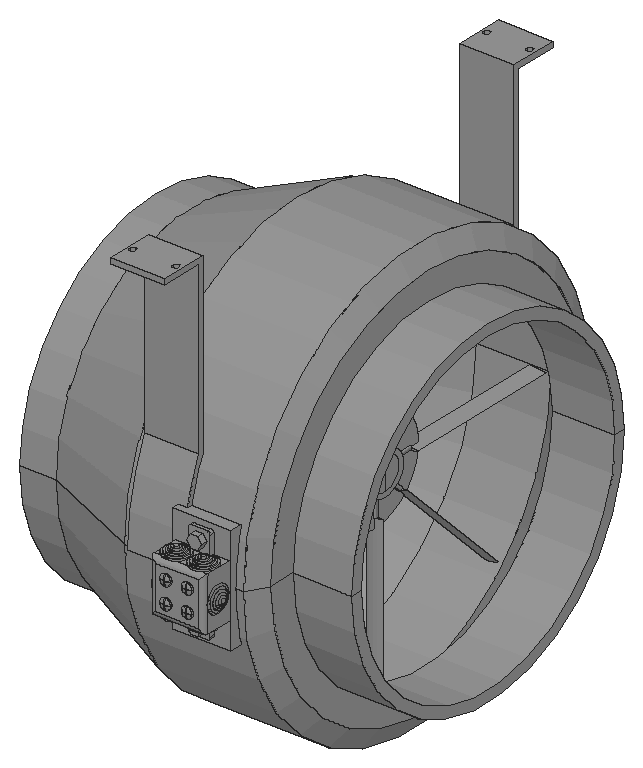
Revit family "ВКМц", category Оборудование, Revit 2021
Family settings
  Размер круглого соединителя = Использовать диаметр
  Классификация = Нет
  Тип детали = Нормальный
  На основе рабочей плоскости = Нет
  Всегда вертикально = Да
  При загрузке вырезать с полостями = Нет
  Общий = Нет
  Точка принадлежности помещению = Нет
Parameters (values of type "ВКМц 315 Б")
  Ширина = B1  # 450 mm
  Частота = 50 Hz
  Установлена потужність = Струм * Напруга  # 151.8 VA
  Струм = 0.66 A
  Статичний тиск повітря = 0.0 Pa
  Рівень звукового тиску на відстані 3 м = "52 дБА"
  Потужність = 151 W
  Повітряний потік [instance] = 0.0 L/s
  Отметка по умолчанию = 0 mm
  Напруга = 230 V
  Максимальний потік повітря [instance] = 370.0 L/s
  Кількість фаз = 1
  Класифікація навантаження = "HVAC"
  Изготовитель = "Вентс"  # constant formula
  Діаметр = Dy  # 315 mm
  Довжина = L  # 308 mm
  Висота = H1 + R1  # 452 mm
  Вага = 6.50 kg
  URL = "https://vents.ua/ua/series/vkmz"
  Ry = Dy / 2  # 157.5 mm
  R2 = R1 + 5 mm  # 206 mm
  R1 = D1 / 2  # 201 mm
  L8 = L6 + 5 mm  # 125 mm
  L7 = L3 + 10 mm  # 50 mm
  L6 = L4 + 25 mm  # 120 mm
  L5 = L4 - 21.5 mm  # 73.5 mm
  L4 = L / 2 - L1 * 2 + 7 mm  # 95 mm
  L3 = 40 mm
  L2 = 55 mm
  L1 = 33 mm
  L = 308 mm
  H1 = D1 / 2 + 50 mm  # 251 mm
  Матеріал зони обслуговуваня = none
  Dy = 315 mm
  D2 = D1 - 25 mm  # 377 mm
  D1 = 402 mm
  Матеріал корпусу = Сталь, гальванізована
  B2 = B1 - 80 mm  # 370 mm
  B1 = 450 mm
  B = 410 mm
  09_Назва системи [instance] = ""
  00_20_Тип = "ВКМц 315 Б"
  00_20_Назва = "Канальний відцентровий вентилятор"
  00_20_Виробник = "Вентс"  # constant formula
Types (14, lengths in mm): name | Ширина | Установлена потужність | Струм | Рівень звукового тиску на відстані 3 м | Потужність | Максимальний потік повітря | Діаметр | Довжина | Висота | Вага | Ry | R2 | R1 | L8 | L7 | L6 | L5 | L4 | L3 | L2 | L1 | L | H1 | Dy | D2 | D1 | B2 | B1 | B | 00_20_Тип
  (no name) | 450 | 151.8 VA | 0.66 A | "52 дБА" | 151 W | 370.0 L/s | 315 | 308 | 452 | 6.50 kg | 157.5 | 206 | 201 | 125 | 50 | 120 | 73.5 | 95 | 40 | 55 | 33 | 308 | 251 | 315 | 377 | 402 | 370 | 450 | 410 | "ВКМц 315 Б"
  ВКМц 100 Б | 293 | 43.7 VA | 0.19 A | "35 дБА" | 42 W | 64.0 L/s | 100 | 202 | 287 | 2.50 kg | 50 | 123.5 | 118.5 | 92 | 40 | 87 | 40.5 | 62 | 30 | 22 | 23 | 202 | 168.5 | 100 | 212 | 237 | 213 | 293 | 253 | "ВКМц 100 Б"
  ВКМц 315 | 450 | 186.3 VA | 0.81 A | "53 дБА" | 185 W | 428.0 L/s | 315 | 308 | 452 | 6.50 kg | 157.5 | 206 | 201 | 125 | 50 | 120 | 73.5 | 95 | 40 | 55 | 33 | 308 | 251 | 315 | 377 | 402 | 370 | 450 | 410 | "ВКМц 315"
  ВКМц 100 | 293 | 64.4 VA | 0.28 A | "46 дБА" | 62 W | 70.0 L/s | 100 | 202 | 287 | 2.80 kg | 50 | 123.5 | 118.5 | 92 | 40 | 87 | 40.5 | 62 | 30 | 22 | 23 | 202 | 168.5 | 100 | 212 | 237 | 213 | 293 | 253 | "ВКМц 100"
  ВКМц 125 Б | 293 | 85.1 VA | 0.37 A | "35 дБА" | 60 W | 64.0 L/s | 125 | 202 | 287 | 2.70 kg | 62.5 | 123.5 | 118.5 | 92 | 40 | 87 | 40.5 | 62 | 30 | 22 | 23 | 202 | 168.5 | 125 | 212 | 237 | 213 | 293 | 253 | "ВКМц 125 Б"
  ВКМц 125 | 293 | 78.2 VA | 0.34 A | "46 дБА" | 78 W | 92.0 L/s | 125 | 202 | 287 | 2.90 kg | 62.5 | 123.5 | 118.5 | 92 | 40 | 87 | 40.5 | 62 | 30 | 22 | 23 | 202 | 168.5 | 125 | 212 | 237 | 213 | 293 | 253 | "ВКМц 125"
  ВКМц 150 | 330 | 66.7 VA | 0.29 A | "44 дБА" | 64 W | 126.0 L/s | 150 | 170 | 324 | 3.20 kg | 75 | 142 | 137 | 82 | 40 | 77 | 30.5 | 52 | 30 | 20 | 20 | 170 | 187 | 150 | 249 | 274 | 250 | 330 | 290 | "ВКМц 150"
  ВКМСц 150 | 395 | 128.8 VA | 0.56 A | "48 дБА" | 127 W | 197.0 L/s | 150 | 230 | 395 | 4.80 kg | 75 | 177.5 | 172.5 | 112 | 50 | 107 | 60.5 | 82 | 40 | 20 | 20 | 230 | 222.5 | 150 | 320 | 345 | 315 | 395 | 355 | "ВКМСц 150"
  ВКМц 160 | 334 | 78.2 VA | 0.34 A | "46 дБА" | 78 W | 126.0 L/s | 160 | 200 | 328 | 3.20 kg | 80 | 144 | 139 | 87 | 40 | 82 | 35.5 | 57 | 30 | 23 | 25 | 200 | 189 | 160 | 253 | 278 | 254 | 334 | 294 | "ВКМц 160"
  ВКМц 200 Б | 380 | 140.3 VA | 0.61 A | "48 дБА" | 139 W | 233.0 L/s | 200 | 245 | 382 | 5.20 kg | 100 | 171 | 166 | 109.5 | 50 | 104.5 | 58 | 79.5 | 40 | 29 | 25 | 245 | 216 | 200 | 307 | 332 | 300 | 380 | 340 | "ВКМц 200 Б"
  ВКМц 250 Б | 380 | 135.7 VA | 0.59 A | "51 дБА" | 134 W | 272.0 L/s | 250 | 213 | 382 | 5.10 kg | 125 | 171 | 166 | 93.5 | 50 | 88.5 | 42 | 63.5 | 40 | 29 | 25 | 213 | 216 | 250 | 307 | 332 | 300 | 380 | 340 | "ВКМц 250 Б"
  ВКМц 250 | 380 | 158.7 VA | 0.69 A | "50 дБА" | 157 W | 278.0 L/s | 250 | 213 | 382 | 5.10 kg | 125 | 171 | 166 | 93.5 | 50 | 88.5 | 42 | 63.5 | 40 | 29 | 25 | 213 | 216 | 250 | 307 | 332 | 300 | 380 | 340 | "ВКМц 250"
  ВКМц 315 Б | 450 | 151.8 VA | 0.66 A | "52 дБА" | 151 W | 370.0 L/s | 315 | 308 | 452 | 6.50 kg | 157.5 | 206 | 201 | 125 | 50 | 120 | 73.5 | 95 | 40 | 55 | 33 | 308 | 251 | 315 | 377 | 402 | 370 | 450 | 410 | "ВКМц 315 Б"
  ВКМц 200 | 380 | 158.7 VA | 0.69 A | "50 дБА" | 157 W | 278.0 L/s | 200 | 245 | 382 | 5.20 kg | 100 | 171 | 166 | 109.5 | 50 | 104.5 | 58 | 79.5 | 40 | 29 | 25 | 245 | 216 | 200 | 307 | 332 | 300 | 380 | 340 | "ВКМц 200"
Reference planes
  plane 1 "По центру (Вперед/Назад)": y = 0
  plane 2: z = 0
  plane 3 "По центру (Влево/Вправо)": x = 0
  plane 4 "Вращение": z = -251
  plane 5 "Двигатель": y = -201
  plane 6: y = -205
  plane 7: y = 205
  plane 8: x = -125
  plane 9: x = -165
Forms (mm)
  Revolve 1, solid, material "Сталь, гальванізована"
    sketch origin (0, 0, -251) x (1, 0, 0) y (0, 1, 0)
      loop
        line (0, -147.5) -> (-57.889, -147.5) -> (-94.792, -191) -> (-164.172, -191) -> (-263, -147.5) -> (-308, -147.5) -> (-308, -157.5) -> (-275, -157.5) -> (-176.172, -201) -> (-65.981, -201) -> (-55, -182.5) -> (-55, -157.5) -> (0, -157.5) -> (0, -147.5)
      axis (0, 0) -> (-308, 0)
    angle from 0 to 360
  Extrusion 2, solid, material "Сталь, гальванізована"
    sketch origin (0, 0, 0) x (0, 1, 0) y (0, 0, 1)
      loop
        line (-194.682, -201) -> (-206, -201) -> (-206, -301) -> (-194.682, -301)
        arc (-194.682, -301) -> (-201, -251) -> (-194.682, -201) r 201
    from -127.5 to -73.5
  Extrusion 3, solid, material "Сталь, гальванізована"
    sketch origin (0, 0, 0) x (0, 1, 0) y (0, 0, 1)
      loop
        line (225, 0) -> (180, 0) -> (180, -159.567)
        arc (180, -159.567) -> (196.423, -203.979) -> (202, -251) r 201
        line (202, -251) -> (207, -251)
        arc (207, -251) -> (201.425, -203.397) -> (185, -158.372) r 206
        line (185, -158.372) -> (185, -5) -> (225, -5) -> (225, 0)
      loop
        line (-225, 0) -> (-225, -5) -> (-185, -5) -> (-185, -162.456)
        arc (-185, -162.456) -> (-199.938, -205.613) -> (-205, -251) r 206
        line (-205, -251) -> (-200, -251)
        arc (-200, -251) -> (-194.936, -206.167) -> (-180, -163.593) r 201
        line (-180, -163.593) -> (-180, 0) -> (-225, 0)
    from -170 to -120
  Extrusion 4, void
    sketch origin (0, 0, -251) x (1, 0, 0) y (0, 1, 0)
      loop
        circle (-165, 205) r 3
      loop
        circle (-125, 205) r 3
    from 246 to 251
  Extrusion 5, void
    sketch origin (0, 0, -251) x (1, 0, 0) y (0, 1, 0)
      loop
        circle (-165, -205) r 3
      loop
        circle (-125, -205) r 3
    from 246 to 251
Cuts and joins
  Extrusion 4, Extrusion 5 cuts Extrusion 3
Dimensions and locks
  "H1": plane 4 "Вращение" to level
  "Ry": Revolve 1 sketch curve to plane 1 "По центру (Вперед/Назад)"  (x2)
  "R1": Revolve 1 sketch curve to plane 1 "По центру (Вперед/Назад)"
  "L1": Revolve 1 sketch curve to Revolve 1 sketch curve
  "L2": Revolve 1 sketch curve to plane 3 "По центру (Влево/Вправо)"
  "L": Revolve 1 sketch curve to plane 3 "По центру (Влево/Вправо)"
  locked: Revolve 1 sketch curve to Revolve 1 sketch curve at 10  (x2)
  Revolve 1 sketch curve to Revolve 1 sketch curve = 10 mm
  "L4": plane 3 "По центру (Влево/Вправо)" to nested 1
  "L4": plane 3 "По центру (Влево/Вправо)" to nested 2
  "R1": plane 1 "По центру (Вперед/Назад)" to plane 5 "Двигатель"
  plane 4 "Вращение" to Extrusion 2 sketch curve = 50 mm  (x2)
  locked: plane 5 "Двигатель" to Extrusion 2 sketch curve at 5
  "L5": Extrusion 2 to plane 3 "По центру (Влево/Вправо)"
  locked: Extrusion 2 to Extrusion 2 at 54
  locked: Extrusion 2 to nested 3 at 28
  locked: level to Extrusion 3 sketch curve at 5
  locked: Extrusion 3 sketch curve to Extrusion 3 sketch curve at 5  (x3)
  equal spacing: Extrusion 3 sketch curve, plane 1 "По центру (Вперед/Назад)", Extrusion 3 sketch curve  (x2)
  "B1": Extrusion 3 sketch curve to Extrusion 3 sketch curve
  "L6": Extrusion 3 to plane 3 "По центру (Влево/Вправо)"
  equal spacing: plane 7, plane 1 "По центру (Вперед/Назад)", plane 6
  "B": plane 7 to plane 6
  "B2": Extrusion 3 sketch curve to Extrusion 3 sketch curve
  "L7": Extrusion 3 to Extrusion 3
  "L3": plane 9 to plane 8
  "L8": plane 8 to plane 3 "По центру (Влево/Вправо)"
  "R1": radius of Extrusion 2 sketch curve
  "R1": radius of Extrusion 3 sketch curve  (x2)
  "R2": radius of Extrusion 3 sketch curve  (x2)
  aligned and locked: level to plane 2
  aligned and locked: Revolve 1 sketch curve to plane 3 "По центру (Влево/Вправо)"
  aligned and locked: plane 4 "Вращение" to nested 1
  aligned and locked: nested 2 to plane 4 "Вращение"
  aligned and locked: plane 1 "По центру (Вперед/Назад)" to nested 2
  aligned and locked: nested 3 to plane 4 "Вращение"
  aligned and locked: level to Extrusion 3 sketch curve  (x2)
  aligned and locked: nested 3 to Extrusion 2
  aligned and locked: Extrusion 3 sketch curve to Revolve 1
  aligned and locked: level to Extrusion 4
  aligned and locked: Extrusion 3 to Extrusion 4
  aligned and locked: level to Extrusion 5
  aligned and locked: Extrusion 3 to Extrusion 5
Automatic sketch dimensions
  Extrusion 4 sketch curve to plane 7 = 0 mm  (x2)
  Extrusion 4 sketch curve to plane 9 = 0 mm
  Extrusion 4 sketch curve to plane 8 = 0 mm
  Extrusion 5 sketch curve to plane 6 = 0 mm  (x2)
  Extrusion 5 sketch curve to plane 9 = 0 mm
  Extrusion 5 sketch curve to plane 8 = 0 mm
  plane 1 "По центру (Вперед/Назад)" to Revolve 1 sketch curve = 0 mm
  Revolve 1 sketch curve to Revolve 1 sketch curve = 12 mm
  plane 9 to Revolve 1 sketch curve = 11.172 mm
  Revolve 1 sketch curve to plane 9 = 0.828 mm
  plane 8 to Revolve 1 sketch curve = 30.208 mm
  Revolve 1 sketch curve to Revolve 1 sketch curve = 10.981 mm
  Revolve 1 sketch curve to Revolve 1 sketch curve = 2.889 mm
  plane 5 "Двигатель" to Revolve 1 sketch curve = 18.5 mm
  plane 9 to Revolve 1 sketch curve = 8.172 mm
  plane 8 to Revolve 1 sketch curve = 8.519 mm
  Extrusion 2 sketch curve to plane 1 "По центру (Вперед/Назад)" = 0 mm
  Extrusion 2 sketch curve to plane 4 "Вращение" = 0 mm
  Extrusion 3 sketch curve to Extrusion 3 sketch curve = 0 mm  (x4)
  Extrusion 3 sketch curve to plane 6 = 0 mm
  radius of Extrusion 4 sketch curve = 3 mm  (x2)
  radius of Extrusion 5 sketch curve = 3 mm  (x2)
Nested families
  nested 1: "Двигатель" at (-95, 0, -251) x (0, -1, 0) z (0, 0, 1), type "Двигатель_42 Вт"
    with Вес "", Pressure_Static_Air 0.0 L/s, Number of Fase 3, Maximum Air Flow 0.0 L/s, Air Flow 0.0 L/s, 09_System_Name "", 00_20_Type "", 00_20_Name ""
  nested 2: "Вентилятор" at (-115, 0, -251) x (0, 0, -1) z (1, 0, 0), type "Вентилятор"
    with R 188.5 mm, Dy 377 mm
  nested 3: "Клемная коробка" at (-99.5, -206, -251) x (1, 0, 0) z (0, -1, 0), type "50x50"
Connectors
  hvac at (-308, 0, -251), driven by "Dy"
    settings: on Revolve 1, index 1, duct flow 0.0 L/s, flow factor 0, pres drop 0.0 Pa, loss coef 0, conn angle 0.00°, conn width 304.8 mm, conn height 304.8 mm, conn diameter 315 mm, duct sys type 3, conn prof type 0, flow config 0, flow direction 2, loss method 0, conn ref index -1, conn util no, is conn primary yes, conn desc ""
  hvac at (0, 0, -251), driven by "Dy"
    settings: on Revolve 1, index 2, duct flow 0.0 L/s, flow factor 0, pres drop 0.0 Pa, loss coef 0, conn angle 0.00°, conn width 304.8 mm, conn height 304.8 mm, conn diameter 315 mm, duct sys type 3, conn prof type 0, flow config 0, flow direction 1, loss method 0, conn ref index -1, conn util no, is conn primary no, conn desc ""
  electrical at (-112, -221, -220), driven by "Напруга", driven by "Установлена потужність"
    settings: on nested 3, index 3, voltage 230 V, apparent load 0 VA, apparent load phase1 151.8 VA, apparent load phase2 0 VA, apparent load phase3 0 VA, power factor 1, load classification "Мощность", number of poles 1, system type 31, power factor state 1, is connector primary yes, connector utility no, sub classification motor no, connector description ""
Definition of nested family "Двигатель"
  Parameters (values of type "Двигатель_42 Вт")
    Default Elevation = 0 mm
    Вес [instance] = ""
    r = R / 2  # 20 mm
    l2 = L - r  # 80 mm
    l1 = L1 + L2 + L3  # 25 mm
    Voltage = 400 V
    Tn = if(R < 150 mm, 20 mm, 30 mm)  # 20 mm
    R3 = R - 20 mm  # 20 mm
    R2 = if(L < 500 mm, 15 mm, 20 mm)  # 15 mm
    R1 = 50 mm
    R = R1 - R1 * 0.2  # 40 mm
    Pressure_Static_Air [instance] = 0.0 L/s
    Power = 42 W
    Number of Fase [instance] = 3
    N2 = R1 - R1 * 0.1  # 45 mm
    N1 = N - R3 + R3 / 15  # 33.833 mm
    N = R1 + R1 * 0.05  # 52.5 mm
    Maximum Air Flow [instance] = 0.0 L/s
    Maintenance zone material = none
    Load Classification = "HVAC"
    Ln = L - L1 - L2 - L3 - r  # 55 mm
    L4 = L / 3  # 33.333 mm
    L3 = R1 * 0.2  # 10 mm
    L2 = if(L < 500 mm, 10 mm, 50 mm)  # 10 mm
    L1 = R1 * 0.1  # 5 mm
    L = 100 mm
    H = R1 + 20 mm  # 70 mm
    Grid Material = none
    Casing Material = none
    Air Flow [instance] = 0.0 L/s
    09_System_Name [instance] = ""
    00_20_Type [instance] = ""
    00_20_Name [instance] = ""
    00_20_Manufacturer = "Вентс"  # constant formula
  Reference planes
    plane 1 "По центру (Вперед/Назад)": y = 0
    plane 2: z = 0
    plane 3 "По центру (Влево/Вправо)": x = 0
  Forms (mm)
    Revolve 1, solid
      sketch origin (0, -9.922, 0) x (0, 1, 0) y (0, 0, 1)
        loop
          line (9.922, 0) -> (9.922, 15) -> (-0.078, 15) -> (-0.078, 50) -> (-5.078, 50) -> (-5.078, 20) -> (-15.078, 20) -> (-15.078, 40) -> (-70.078, 40)
          arc (-70.078, 40) -> (-84.22, 34.142) -> (-90.078, 20) r 20
          line (-90.078, 20) -> (-90.078, 0) -> (9.922, 0)
        axis (-90.078, 0) -> (9.922, 0)
      angle from 0 to 360
    Extrusion 2, solid, not visible
      sketch origin (110.902, 0, 0) x (-1, 0, 0) y (0, 0, -1)
        loop
          line (36.329, 0) -> (36.329, -15) -> (69.075, -15) -> (69.075, 0) -> (36.329, 0)
      from 64 to 104
    Extrusion 3, solid, not visible
      sketch origin (0, 0, 0) x (1, 0, 0) y (0, 0, 1)
        loop
          line (12.436, 70) -> (42.549, 0) -> (58.878, 0) -> (28.765, 70) -> (12.436, 70)
      from 64 to 104
  Dimensions and locks
    "R2": Revolve 1 sketch curve to Revolve 1 sketch curve
    "R1": Revolve 1 sketch curve to Revolve 1 sketch curve
    "R": Revolve 1 sketch curve to Revolve 1 sketch curve
    "L2": Revolve 1 sketch curve to Revolve 1 sketch curve
    "L": plane 1 "По центру (Вперед/Назад)" to Revolve 1 sketch curve
    "L1": Revolve 1 sketch curve to Revolve 1 sketch curve
    "L3": Revolve 1 sketch curve to Revolve 1 sketch curve
    "R3": Revolve 1 sketch curve to Revolve 1 sketch curve
    Extrusion 3 sketch curve to Extrusion 3 sketch curve = 15 mm
    Extrusion 2 sketch curve to Extrusion 2 sketch curve = 15 mm
    "r": radius of Revolve 1 sketch curve
    aligned and locked: level to plane 2
    aligned and locked: Revolve 1 sketch curve to plane 1 "По центру (Вперед/Назад)"
  Automatic sketch dimensions
    Extrusion 2 sketch curve to Extrusion 2 sketch curve = 32.746 mm
    Extrusion 3 sketch curve to Extrusion 3 sketch curve = 16.329 mm
    Extrusion 3 sketch curve to Extrusion 3 sketch curve = 13.785 mm
    Revolve 1 sketch curve to level = 0 mm  (x2)
    Revolve 1 sketch curve to Revolve 1 sketch curve = 15.5 mm
    Revolve 1 sketch curve to Revolve 1 sketch curve = 16.5 mm
Definition of nested family "Вентилятор"
  Parameters (values of type "Вентилятор")
    Default Elevation = 0 mm
    n = 8
    R = Dy / 2  # 115 mm
    Dy = 230 mm
  Reference planes
    plane 1 "По центру (Вперед/Назад)": y = 0
    plane 2: z = 0
    plane 3 "По центру (Влево/Вправо)": x = 0
  Forms (mm)
    Extrusion 1, solid
      sketch origin (0, 0, 0) x (1, 0, 0) y (0, 1, 0)
        loop
          circle (0, 0) r 20
      from 0 to 20
    Extrusion 2, solid
      sketch origin (5, 0, 0) x (1, 0, 0) y (0, 0, 1)
        loop
          arc (-3.75, 2.664) -> (-4.659, 10.141) -> (-5, 17.664) r 99.365
          arc (-5, 17.664) -> (-6.25, 10.164) -> (-5, 2.664) r 23.125
          line (-5, 2.664) -> (-3.75, 2.664)
      from 40 to 115 <- "R"
    Extrusion 3, solid
      sketch origin (0, 0, 0) x (1, 0, 0) y (0, 0, 1)
        loop
          circle (0, 10) r 1.976
      from 20 to 40
    Extrusion 4, solid
      sketch origin (3.536, -3.536, 0) x (0.707107, -0.707107, 0) y (0, 0, 1)
        loop
          arc (-3.75, 2.664) -> (-4.659, 10.141) -> (-5, 17.664) r 99.365
          arc (-5, 17.664) -> (-6.25, 10.164) -> (-5, 2.664) r 23.125
          line (-5, 2.664) -> (-3.75, 2.664)
      from 40 to 115 <- "R"
    Extrusion 5, solid
      sketch origin (0, 0, 0) x (0.707107, -0.707107, 0) y (0, 0, 1)
        loop
          circle (0, 10) r 1.976
      from 20 to 40
    Extrusion 6, solid
      sketch origin (3.536, 3.536, 0) x (0.707107, 0.707107, 0) y (0, 0, 1)
        loop
          arc (-3.75, 2.664) -> (-4.659, 10.141) -> (-5, 17.664) r 99.365
          arc (-5, 17.664) -> (-6.25, 10.164) -> (-5, 2.664) r 23.125
          line (-5, 2.664) -> (-3.75, 2.664)
      from 40 to 115 <- "R"
    Extrusion 7, solid
      sketch origin (0, 0, 0) x (0.707107, 0.707107, 0) y (0, 0, 1)
        loop
          circle (0, 10) r 1.976
      from 20 to 40
    Extrusion 8, solid
      sketch origin (0, 5, 0) x (0, 1, 0) y (0, 0, 1)
        loop
          arc (-3.75, 2.664) -> (-4.659, 10.141) -> (-5, 17.664) r 99.365
          arc (-5, 17.664) -> (-6.25, 10.164) -> (-5, 2.664) r 23.125
          line (-5, 2.664) -> (-3.75, 2.664)
      from 40 to 115 <- "R"
    Extrusion 9, solid
      sketch origin (0, 0, 0) x (0, 1, 0) y (0, 0, 1)
        loop
          circle (0, 10) r 1.976
      from 20 to 40
    Extrusion 10, solid
      sketch origin (-3.536, 3.536, 0) x (-0.707107, 0.707107, 0) y (0, 0, 1)
        loop
          arc (-3.75, 2.664) -> (-4.659, 10.141) -> (-5, 17.664) r 99.365
          arc (-5, 17.664) -> (-6.25, 10.164) -> (-5, 2.664) r 23.125
          line (-5, 2.664) -> (-3.75, 2.664)
      from 40 to 115 <- "R"
    Extrusion 11, solid
      sketch origin (0, 0, 0) x (-0.707107, 0.707107, 0) y (0, 0, 1)
        loop
          circle (0, 10) r 1.976
      from 20 to 40
    Extrusion 12, solid
      sketch origin (-5, 0, 0) x (-1, 0, 0) y (0, 0, 1)
        loop
          arc (-3.75, 2.664) -> (-4.659, 10.141) -> (-5, 17.664) r 99.365
          arc (-5, 17.664) -> (-6.25, 10.164) -> (-5, 2.664) r 23.125
          line (-5, 2.664) -> (-3.75, 2.664)
      from 40 to 115 <- "R"
    Extrusion 13, solid
      sketch origin (0, 0, 0) x (-1, 0, 0) y (0, 0, 1)
        loop
          circle (0, 10) r 1.976
      from 20 to 40
    Extrusion 14, solid
      sketch origin (-3.536, -3.536, 0) x (-0.707107, -0.707107, 0) y (0, 0, 1)
        loop
          arc (-3.75, 2.664) -> (-4.659, 10.141) -> (-5, 17.664) r 99.365
          arc (-5, 17.664) -> (-6.25, 10.164) -> (-5, 2.664) r 23.125
          line (-5, 2.664) -> (-3.75, 2.664)
      from 40 to 115 <- "R"
    Extrusion 15, solid
      sketch origin (0, 0, 0) x (-0.707107, -0.707107, 0) y (0, 0, 1)
        loop
          circle (0, 10) r 1.976
      from 20 to 40
    Extrusion 16, solid
      sketch origin (0, -5, 0) x (0, -1, 0) y (0, 0, 1)
        loop
          arc (-3.75, 2.664) -> (-4.659, 10.141) -> (-5, 17.664) r 99.365
          arc (-5, 17.664) -> (-6.25, 10.164) -> (-5, 2.664) r 23.125
          line (-5, 2.664) -> (-3.75, 2.664)
      from 40 to 115 <- "R"
    Extrusion 17, solid
      sketch origin (0, 0, 0) x (0, -1, 0) y (0, 0, 1)
        loop
          circle (0, 10) r 1.976
      from 20 to 40
  Dimensions and locks
    aligned and locked: level to plane 2
    aligned and locked: Extrusion 2 to Extrusion 3
    aligned and locked: Extrusion 5 to Extrusion 4
    aligned and locked: Extrusion 7 to Extrusion 6
    aligned and locked: Extrusion 9 to Extrusion 8
    aligned and locked: Extrusion 11 to Extrusion 10
    aligned and locked: Extrusion 13 to Extrusion 12
    aligned and locked: Extrusion 15 to Extrusion 14
    aligned and locked: Extrusion 16 to Extrusion 17
  Automatic sketch dimensions
    Extrusion 12 sketch curve to Extrusion 12 sketch curve = 1.25 mm
    Extrusion 12 sketch curve to Extrusion 12 sketch curve = 20.625 mm
    Extrusion 12 sketch curve to Extrusion 12 sketch curve = 77.487 mm
    Extrusion 12 sketch curve to Extrusion 12 sketch curve = 7.5 mm
    Extrusion 12 sketch curve to Extrusion 12 sketch curve = 8.228 mm
    Extrusion 2 sketch curve to Extrusion 2 sketch curve = 1.25 mm
    Extrusion 2 sketch curve to Extrusion 2 sketch curve = 20.625 mm
    Extrusion 2 sketch curve to Extrusion 2 sketch curve = 77.487 mm
    Extrusion 2 sketch curve to Extrusion 2 sketch curve = 7.5 mm
    Extrusion 2 sketch curve to Extrusion 2 sketch curve = 8.228 mm
    Extrusion 4 sketch curve to Extrusion 4 sketch curve = 1.25 mm
    Extrusion 4 sketch curve to Extrusion 4 sketch curve = 20.625 mm
    Extrusion 4 sketch curve to Extrusion 4 sketch curve = 77.487 mm
    Extrusion 4 sketch curve to Extrusion 4 sketch curve = 7.5 mm
    Extrusion 4 sketch curve to Extrusion 4 sketch curve = 8.228 mm
    Extrusion 6 sketch curve to Extrusion 6 sketch curve = 1.25 mm
    Extrusion 6 sketch curve to Extrusion 6 sketch curve = 20.625 mm
    Extrusion 6 sketch curve to Extrusion 6 sketch curve = 77.487 mm
    Extrusion 6 sketch curve to Extrusion 6 sketch curve = 7.5 mm
    Extrusion 6 sketch curve to Extrusion 6 sketch curve = 8.228 mm
    Extrusion 8 sketch curve to Extrusion 8 sketch curve = 1.25 mm
    Extrusion 8 sketch curve to Extrusion 8 sketch curve = 20.625 mm
    Extrusion 8 sketch curve to Extrusion 8 sketch curve = 77.487 mm
    Extrusion 8 sketch curve to Extrusion 8 sketch curve = 7.5 mm
    Extrusion 8 sketch curve to Extrusion 8 sketch curve = 8.228 mm
    Extrusion 10 sketch curve to Extrusion 10 sketch curve = 1.25 mm
    Extrusion 10 sketch curve to Extrusion 10 sketch curve = 20.625 mm
    Extrusion 10 sketch curve to Extrusion 10 sketch curve = 77.487 mm
    Extrusion 10 sketch curve to Extrusion 10 sketch curve = 7.5 mm
    Extrusion 10 sketch curve to Extrusion 10 sketch curve = 8.228 mm
    Extrusion 14 sketch curve to Extrusion 14 sketch curve = 1.25 mm
    Extrusion 14 sketch curve to Extrusion 14 sketch curve = 20.625 mm
    Extrusion 14 sketch curve to Extrusion 14 sketch curve = 77.487 mm
    Extrusion 14 sketch curve to Extrusion 14 sketch curve = 7.5 mm
    Extrusion 14 sketch curve to Extrusion 14 sketch curve = 8.228 mm
    Extrusion 16 sketch curve to Extrusion 16 sketch curve = 1.25 mm
    Extrusion 16 sketch curve to Extrusion 16 sketch curve = 20.625 mm
    Extrusion 16 sketch curve to Extrusion 16 sketch curve = 77.487 mm
    Extrusion 16 sketch curve to Extrusion 16 sketch curve = 7.5 mm
    Extrusion 16 sketch curve to Extrusion 16 sketch curve = 8.228 mm
    plane 1 "По центру (Вперед/Назад)" to Extrusion 1 sketch curve = 0 mm
    Extrusion 1 sketch curve to plane 3 "По центру (Влево/Вправо)" = 0 mm
    radius of Extrusion 13 sketch curve = 1.976 mm
    radius of Extrusion 3 sketch curve = 1.976 mm
    radius of Extrusion 5 sketch curve = 1.976 mm
    radius of Extrusion 7 sketch curve = 1.976 mm
    radius of Extrusion 9 sketch curve = 1.976 mm
    radius of Extrusion 11 sketch curve = 1.976 mm
    radius of Extrusion 15 sketch curve = 1.976 mm
    radius of Extrusion 17 sketch curve = 1.976 mm
    radius of Extrusion 1 sketch curve = 20 mm
Definition of nested family "Клемная коробка"
  Parameters (values of type "50x50")
    Ш1 = Ш / 2 - 15 mm  # 10 mm
    Ш = 50 mm
    Default Elevation = 0 mm
    Д1 = Д / 2 - 15 mm  # 10 mm
    Д = 50 mm
    Л = Д / 4  # 12.5 mm
    h = H / 2  # 15 mm
    H = 30 mm
  Types (5, lengths in mm): name | Ш1 | Ш | Д1 | Д | Л | h | H
    100х100 | 10 | 50 | 10 | 50 | 12.5 | 25 | 50
    200Х200 | 85 | 200 | 85 | 200 | 50 | 25 | 50
    75х75 | 22.5 | 75 | 22.5 | 75 | 18.75 | 25 | 50
    Клемная коробка | 35 | 100 | 35 | 100 | 25 | 25 | 50
    50x50 | 10 | 50 | 10 | 50 | 12.5 | 15 | 30
  Reference planes
    plane 1 "По центру (Вперед/Назад)": y = 0
    plane 2: z = 0
    plane 3 "По центру (Влево/Вправо)": x = 0
  Forms (mm)
    Extrusion 1, solid
      sketch origin (0, 0, 0) x (1, 0, 0) y (0, 1, 0)
        loop
          line (-25, 25) -> (-25, -25) -> (25, -25) -> (25, 25) -> (-25, 25)
      from 0 to 30 <- "H"
    Sweep 2, void
      path in 3D
        loop
          line (-25, 25, 30) -> (-25, -25, 30) -> (25, -25, 30) -> (25, 25, 30) -> (-25, 25, 30)
      profile origin (0, 25, 30) x (0, -1, 0) y (0, 0, 1)
        loop
          line (5, 0) -> (0, 0) -> (0, -5)
          arc (0, -5) -> (1.464, -1.464) -> (5, 0) r 5
    Extrusion 3, solid
      sketch origin (0, 0, 0) x (1, 0, 0) y (0, 1, 0)
        loop
          line (10, 25) -> (10, 42.359)
          arc (10, 42.359) -> (9.227, 44.227) -> (7.359, 45) r 2.641
          line (7.359, 45) -> (-7.359, 45)
          arc (-7.359, 45) -> (-9.227, 44.227) -> (-10, 42.359) r 2.641
          line (-10, 42.359) -> (-10, 25) -> (10, 25)
        loop
          circle (0, 35.711) r 4
        loop
          line (10, -25) -> (-10, -25) -> (-10, -42.359)
          arc (-10, -42.359) -> (-9.227, -44.227) -> (-7.359, -45) r 2.641
          line (-7.359, -45) -> (7.359, -45)
          arc (7.359, -45) -> (9.227, -44.227) -> (10, -42.359) r 2.641
          line (10, -42.359) -> (10, -25)
        loop
          circle (0, -35.711) r 4
      from 0 to 4
    Extrusion 4, void
      sketch origin (0, 0, 0) x (0, 1, 0) y (0, 0, 1)
        loop
          circle (0, 15) r 10
      from -25 to -20
    Extrusion 5, void
      sketch origin (0, 0, 0) x (0, 1, 0) y (0, 0, 1)
        loop
          circle (0, 15) r 10
      from 20 to 25
    Extrusion 6, void
      sketch origin (0, 0, 0) x (1, 0, 0) y (0, 0, 1)
        loop
          circle (12.5, 15) r 10
        loop
          circle (-12.5, 15) r 10
      from 20 to 25
    Extrusion 7, void
      sketch origin (0, 0, 0) x (1, 0, 0) y (0, 0, 1)
        loop
          circle (12.5, 15) r 10
        loop
          circle (-12.5, 15) r 10
      from -25 to -20
    Extrusion 8, solid
      sketch origin (0, 0, 0) x (1, 0, 0) y (0, 1, 0)
        loop
          line (3.491, 29.664) -> (6.982, 35.711) -> (3.491, 41.759) -> (-3.491, 41.759) -> (-6.982, 35.711) -> (-3.491, 29.664) -> (3.491, 29.664)
        loop
          line (3.491, -29.664) -> (-3.491, -29.664) -> (-6.982, -35.711) -> (-3.491, -41.759) -> (3.491, -41.759) -> (6.982, -35.711) -> (3.491, -29.664)
      from 4 to 10
  Cuts and joins
    Sweep 2, Extrusion 4, Extrusion 5, Extrusion 6, Extrusion 7 cuts Extrusion 1
  Lines and regions (mm)
    sketch lines
      curve 1: line (25, 25, 30) -> (-25, 25, 30)
      curve 2: line (25, -25, 30) -> (25, 25, 30)
      curve 3: line (-25, -25, 30) -> (25, -25, 30)
      curve 4: line (-25, 25, 30) -> (-25, -25, 30)
  Dimensions and locks
    "Д": Extrusion 1 sketch curve to Extrusion 1 sketch curve
    "Ш": Extrusion 1 sketch curve to Extrusion 1 sketch curve
    equal spacing: Extrusion 1 sketch curve, plane 3 "По центру (Влево/Вправо)", Extrusion 1 sketch curve
    equal spacing: Extrusion 1 sketch curve, plane 1 "По центру (Вперед/Назад)", Extrusion 1 sketch curve
    "Д1": nested 2 to plane 3 "По центру (Влево/Вправо)"
    "Д1": plane 3 "По центру (Влево/Вправо)" to nested 1
    "Д1": nested 4 to plane 3 "По центру (Влево/Вправо)"
    "Д1": plane 3 "По центру (Влево/Вправо)" to nested 3
    "Ш1": nested 3 to plane 1 "По центру (Вперед/Назад)"
    "Ш1": plane 1 "По центру (Вперед/Назад)" to nested 1
    "Ш1": nested 4 to plane 1 "По центру (Вперед/Назад)"
    "Ш1": plane 1 "По центру (Вперед/Назад)" to nested 2
    Extrusion 3 sketch curve to Extrusion 3 sketch curve = 20 mm  (x3)
    equal spacing: Extrusion 3 sketch curve, plane 1 "По центру (Вперед/Назад)", Extrusion 3 sketch curve
    "Ш": Extrusion 3 sketch curve to Extrusion 3 sketch curve
    "h": Extrusion 4 sketch curve to level
    "h": Extrusion 5 sketch curve to level
    "h": level to Extrusion 6 sketch curve  (x2)
    "Л": plane 3 "По центру (Влево/Вправо)" to Extrusion 6 sketch curve
    "Л": Extrusion 6 sketch curve to plane 3 "По центру (Влево/Вправо)"
    "h": level to Extrusion 7 sketch curve  (x2)
    "Л": Extrusion 7 sketch curve to plane 3 "По центру (Влево/Вправо)"
    "Л": plane 3 "По центру (Влево/Вправо)" to Extrusion 7 sketch curve
    locked: Extrusion 3 to Extrusion 8 at 6
    "h": level to nested 5
    "h": level to nested 6
    "Л": nested 8 to plane 3 "По центру (Влево/Вправо)"
    "Л": nested 7 to plane 3 "По центру (Влево/Вправо)"
    locked: Extrusion 3 to Extrusion 8 sketch curve at 4.664  (x2)
    radius of Extrusion 7 sketch curve = 10 mm
    aligned and locked: level to plane 2
    aligned and locked: Extrusion 1 to Extrusion 4
    aligned and locked: Sweep 2 to Extrusion 4
    aligned and locked: Extrusion 1 to Extrusion 5
    aligned and locked: Sweep 2 to Extrusion 5
    aligned and locked: Extrusion 1 to Extrusion 6
    aligned and locked: Extrusion 6 to Sweep 2
    aligned and locked: Extrusion 1 to Extrusion 7
    aligned and locked: Extrusion 7 to Sweep 2
    aligned and locked: Extrusion 8 to Extrusion 3
    aligned and locked: plane 1 "По центру (Вперед/Назад)" to nested 5
    aligned and locked: nested 5 to cut or joined group of Extrusion 1, Sweep 2, Extrusion 4, Extrusion 5, Extrusion 6, Extrusion 7
    aligned and locked: nested 6 to plane 1 "По центру (Вперед/Назад)"
    aligned and locked: cut or joined group of Extrusion 1, Sweep 2, Extrusion 4, Extrusion 5, Extrusion 6, Extrusion 7 to nested 6
    aligned and locked: cut or joined group of Extrusion 1, Sweep 2, Extrusion 4, Extrusion 5, Extrusion 6, Extrusion 7 to nested 7
    aligned and locked: nested 8 to cut or joined group of Extrusion 1, Sweep 2, Extrusion 4, Extrusion 5, Extrusion 6, Extrusion 7
  Automatic sketch dimensions
    Sweep 2 sketch curve to profile plane = 0 mm  (x2)
    Sweep 2 sketch curve to profile plane = 5 mm
    Extrusion 8 sketch curve to plane 3 "По центру (Влево/Вправо)" = 6.982 mm  (x2)
    Extrusion 8 sketch curve to plane 3 "По центру (Влево/Вправо)" = 3.491 mm  (x4)
    plane 3 "По центру (Влево/Вправо)" to Extrusion 8 sketch curve = 3.491 mm  (x4)
    Extrusion 8 sketch curve to Extrusion 8 sketch curve = 3.491 mm  (x2)
    Extrusion 8 sketch curve to Extrusion 8 sketch curve = 6.047 mm  (x6)
    Extrusion 3 sketch curve to plane 3 "По центру (Влево/Вправо)" = 0 mm  (x2)
    Extrusion 3 sketch curve to plane 3 "По центру (Влево/Вправо)" = 7.359 mm  (x2)
    Extrusion 3 sketch curve to plane 3 "По центру (Влево/Вправо)" = 10 mm  (x2)
    plane 3 "По центру (Влево/Вправо)" to Extrusion 3 sketch curve = 7.359 mm
    Extrusion 3 sketch curve to Extrusion 3 sketch curve = 2.641 mm  (x2)
    Extrusion 3 sketch curve to Extrusion 3 sketch curve = 6.648 mm  (x2)
    Extrusion 4 sketch curve to plane 1 "По центру (Вперед/Назад)" = 0 mm
    Extrusion 5 sketch curve to plane 1 "По центру (Вперед/Назад)" = 0 mm
    radius of Extrusion 3 sketch curve = 4 mm  (x2)
    radius of Extrusion 4 sketch curve = 10 mm
    radius of Extrusion 5 sketch curve = 10 mm
    radius of Extrusion 6 sketch curve = 10 mm  (x2)
    radius of Extrusion 7 sketch curve = 10 mm
  Nested families
    nested 1: "Винт" at (10, 10, 30), built-in parameter 1001364 <- "H", type "Винт"
    nested 2: "Винт" at (-10, 10, 30), built-in parameter 1001364 <- "H", type "Винт"
    nested 3: "Винт" at (10, -10, 30), built-in parameter 1001364 <- "H", type "Винт"
    nested 4: "Винт" at (-10, -10, 30), built-in parameter 1001364 <- "H", type "Винт"
    nested 5: "Заглушка" at (21, 0, 15) x (0, 0, -1) z (1, 0, 0), built-in parameter 1001360 <- "h", type "Заглушка"
    nested 6: "Заглушка" at (-21, 0, 15) x (0, 0, -1) z (-1, 0, 0), built-in parameter 1001360 <- "h", type "Заглушка"
    nested 7: "Заглушка" at (-12.5, 21, 15) x (0, 0, -1) z (0, 1, 0), built-in parameter 1001360 <- "h", type "Заглушка"
    nested 8: "Заглушка" at (-12.5, -21, 15) x (0, 0, -1) z (0, -1, 0), built-in parameter 1001360 <- "h", type "Заглушка"
    nested 9: "Заглушка" at (12.5, 21, 15) x (0, 0, -1) z (0, 1, 0), built-in parameter 1001360 <- "h", type "Заглушка"
    nested 10: "Заглушка" at (12.5, -21, 15) x (0, 0, -1) z (0, -1, 0), built-in parameter 1001360 <- "h", type "Заглушка"
  Definition of nested family "Винт"
    Parameters (values of type "Винт")
      Default Elevation = 0 mm
    Reference planes
      plane 1 "По центру (Вперед/Назад)": y = 0
      plane 2: z = 0
      plane 3 "По центру (Влево/Вправо)": x = 0
    Forms (mm)
      Revolve 1, solid
        sketch origin (0, 0, 0) x (1, 0, 0) y (0, 0, 1)
          loop
            line (0, -20) -> (2.5, -20) -> (2.5, 0) -> (5, 0) -> (5, 0.988)
            arc (5, 0.988) -> (2.589, 1.966) -> (0, 2.235) r 9.254
            line (0, 2.235) -> (0, -20)
          axis (0, 2.235) -> (0, -20)
        angle from 0 to 360
      Extrusion 2, void
        sketch origin (0, -0.137, 0) x (1, 0, 0) y (0, 1, 0)
          loop
            line (-0.439, -5.142) -> (0.455, -5.142) -> (0.455, -0.343) -> (5.265, -0.343) -> (5.265, 0.594) -> (0.455, 0.594) -> (0.455, 5.38) -> (-0.439, 5.38) -> (-0.439, 0.594) -> (-5.291, 0.594) -> (-5.291, -0.343) -> (-0.439, -0.343) -> (-0.439, -5.142)
        from 0.988 to 3.071
    Cuts and joins
      Extrusion 2 cuts Revolve 1
    Dimensions and locks
      aligned and locked: level to plane 2
      aligned and locked: Extrusion 2 to Revolve 1
  Definition of nested family "Заглушка"
    Parameters (values of type "Заглушка")
      Default Elevation = 0 mm
    Reference planes
      plane 1 "По центру (Вперед/Назад)": y = 0
      plane 2: z = 0
      plane 3 "По центру (Влево/Вправо)": x = 0
    Forms (mm)
      Extrusion 1, solid
        sketch origin (0, 0, 0) x (1, 0, 0) y (0, 1, 0)
          loop
            circle (0, 0) r 12
        from 4 to 5
      Extrusion 2, solid
        sketch origin (0, 0, 0) x (1, 0, 0) y (0, 1, 0)
          loop
            circle (0, 0) r 10
        from 5 to 6
      Extrusion 3, solid
        sketch origin (0, 0, 0) x (1, 0, 0) y (0, 1, 0)
          loop
            circle (0, 0) r 8
        from 6 to 7
      Extrusion 4, solid
        sketch origin (0, 0, 0) x (1, 0, 0) y (0, 1, 0)
          loop
            circle (0, 0) r 6
        from 7 to 8
      Extrusion 5, solid
        sketch origin (0, 0, 0) x (1, 0, 0) y (0, 1, 0)
          loop
            circle (0, 0) r 4
        from 8 to 9
      Extrusion 6, solid
        sketch origin (0, 0, 0) x (1, 0, 0) y (0, 1, 0)
          loop
            circle (0, 0) r 2
        from 9 to 10
    Dimensions and locks
      aligned and locked: level to plane 2
